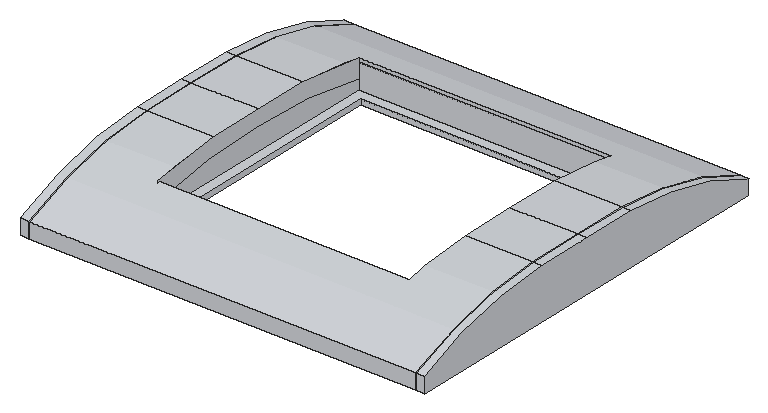
Revit family "Gira_100259", category Electrical Fixtures, host Face, Revit 2017
Family settings
  Host = Face
  Maintain Annotation Orientation = No
  Round Connector Dimension = Use Diameter
  Part Type = Normal
  Cut with Voids When Loaded = No
  Shared = No
  Room Calculation Point = No
Parameters (values of type "Cov.fr. 2-g w/o cb interm.fr. C Alu Gira Event Opaque dark brown")
  With mounting grid = "No"
  With hinged lid = "No"
  URL = "http://katalog.gira.de/en/datenblatt.html?artikelnr=100259"
  Type of fastening = "Clamp mounting"
  Transparent = "No"
  Surface protection = "Other"
  Suitable for wall duct = "No"
  Suitable for flush-mounted installation = "Yes"
  Suitable for floor box = "No"
  Suitable for built-in installation = "No"
  Number of units vertical = "2"
  Number of units horizontal = "2"
  Number of units = "2"
  Name = "Cov.fr. 2-g w/o cb interm.fr. C Alu Gira Event Opaque dark brown"
  Mounting direction = "Horizontal and vertical"
  Material quality = "Thermoplastic"
  Material = "Plastic"
  Manufacturer URL = "https://www.gira.de/"
  Manufacturer = "Gira"
  Label space/information surface = "No"
  Keynote = ""
  HeinzeBIM = "https://bimportal.heinze.de/bim/cov-fr-2-g-w-o-cb-interm-fr-c-alu-gira-event-opaque-dark-brown/44546d66b776be624a18f05c90eb4b2f47d771d8"
  Halogen free = "Yes"
  HAN = "100259"
  GTIN = "4010337003472"
  Description = "Cov.fr.2g w o cb i.fr.CAl EvOp DBN,Gira Event Opaque frames,dark brown with colour aluminium intermediate frame,2-gang without crossbar,Features:,- Shatter-proof."
  Degree of protection (IP) = "IP20"
  Default Elevation = 1219.2 mm
  Data sheet (1) = "https://katalog.gira.de/en/download.html?artikelnr=100259"
  Colour = "Brown"
  Category = "Cover frame for domestic switching devices"
  BIM (1) = "https://media.stage.bim.site/public/gira/36a6b08/Event_Rahmen_2fach o.Mittelsteg.rfa?public/gira/36a6b08/Event_Rahmen_2fach o.Mittelsteg.rfa"
  Available = "No"
Reference planes
  plane 1 "Center (Front/Back)": y = 0
  plane 2: z = 0
  plane 3 "Center (Left/Right)": x = 0
Forms (mm)
  Extrusion 1, solid, detail levels fine
    sketch origin (0, 0, 1.55) x (0, 1, 0) y (0, 0, 1)
      loop
        arc (12.445, 9.683) -> (6.223, 9.833) -> (0, 9.85) r 291.636
        arc (0, 9.85) -> (-6.223, 9.833) -> (-12.445, 9.683) r 291.636
        arc (-12.445, 9.683) -> (-29.14, 7.482) -> (-45, 1.823) r 79.728
        line (-45, 1.823) -> (-45, -1.55) -> (-41.777, -1.55) -> (-41.777, -0.55)
        arc (-41.777, -0.55) -> (-21.205, 4.846) -> (0, 6.467) r 118.15
        arc (0, 6.467) -> (21.205, 4.846) -> (41.777, -0.55) r 118.15
        line (41.777, -0.55) -> (41.777, -1.55) -> (45, -1.55) -> (45, 1.823)
        arc (45, 1.823) -> (29.14, 7.482) -> (12.445, 9.683) r 79.728
    from -43 to 43
  Extrusion 2, void, detail levels fine
    sketch origin (0, 0, 0) x (1, 0, 0) y (0, 1, 0)
      loop
        line (-28, -28) -> (28, -28) -> (28, 28) -> (-28, 28) -> (-28, -28)
    from 2.85 to 12
  Extrusion 3, solid, detail levels coarse
    sketch origin (0, 0, 0) x (1, 0, 0) y (0, 1, 0)
      loop
        line (-45, 45) -> (-45, -45) -> (45, -45) -> (45, 45) -> (-45, 45)
    from 0 to 11.4
  Extrusion 4, solid, detail levels medium
    sketch origin (0, 0, 1.55) x (0, 1, 0) y (0, 0, 1)
      loop
        arc (12.445, 9.683) -> (6.223, 9.833) -> (0, 9.85) r 291.636
        arc (0, 9.85) -> (-6.223, 9.833) -> (-12.445, 9.683) r 291.636
        arc (-12.445, 9.683) -> (-29.14, 7.482) -> (-45, 1.823) r 79.728
        line (-45, 1.823) -> (-45, -1.55) -> (45, -1.55) -> (45, 1.823)
        arc (45, 1.823) -> (29.14, 7.482) -> (12.445, 9.683) r 79.728
    from -45 to 45
  Extrusion 5, solid, detail levels fine
    sketch origin (0, 0, 0) x (0, 1, 0) y (0, 0, 1)
      loop
        arc (45, 3.373) -> (29.14, 9.032) -> (12.445, 11.233) r 79.728
        arc (12.445, 11.233) -> (6.223, 11.383) -> (0, 11.4) r 291.636
        arc (0, 11.4) -> (-6.223, 11.383) -> (-12.445, 11.233) r 291.636
        arc (-12.445, 11.233) -> (-29.14, 9.032) -> (-45, 3.373) r 79.728
        line (-45, 3.373) -> (-45, 0) -> (45, 0) -> (45, 3.373)
    from 43 to 45
  Extrusion 6, solid, detail levels fine
    sketch origin (0, 0, 0) x (0, 1, 0) y (0, 0, -1)
      loop
        line (45, -3.373) -> (45, 0) -> (-45, 0) -> (-45, -3.373)
        arc (-45, -3.373) -> (-29.14, -9.032) -> (-12.445, -11.233) r 79.728
        arc (-12.445, -11.233) -> (-6.223, -11.383) -> (0, -11.4) r 291.636
        arc (0, -11.4) -> (6.223, -11.383) -> (12.445, -11.233) r 291.636
        arc (12.445, -11.233) -> (29.14, -9.032) -> (45, -3.373) r 79.728
    from 43 to 45
  Extrusion 7, solid, detail levels fine
    sketch origin (0, 0, 0) x (1, 0, 0) y (0, 1, 0)
      loop
        line (-25.7, 25.7) -> (-25.7, -25.7) -> (25.7, -25.7) -> (25.7, 25.7) -> (-25.7, 25.7)
      loop
        line (-29.495, 27.895) -> (-29.495, -27.895)
        spline (-29.495, -27.895) -> (-29.486, -28.025) -> (-29.461, -28.154) -> (-29.419, -28.278) -> (-29.361, -28.395) -> (-29.288, -28.504) -> (-29.202, -28.602) -> (-29.104, -28.688) -> (-28.995, -28.761) -> (-28.878, -28.819) -> (-28.754, -28.861) -> (-28.625, -28.886) -> (-28.495, -28.895)
        line (-28.495, -28.895) -> (28.495, -28.895)
        spline (28.495, -28.895) -> (28.625, -28.886) -> (28.754, -28.861) -> (28.878, -28.819) -> (28.995, -28.761) -> (29.104, -28.688) -> (29.202, -28.602) -> (29.288, -28.504) -> (29.361, -28.395) -> (29.419, -28.278) -> (29.461, -28.154) -> (29.486, -28.025) -> (29.495, -27.895)
        line (29.495, -27.895) -> (29.495, 27.895)
        spline (29.495, 27.895) -> (29.486, 28.025) -> (29.461, 28.154) -> (29.419, 28.278) -> (29.361, 28.395) -> (29.288, 28.504) -> (29.202, 28.602) -> (29.104, 28.688) -> (28.995, 28.761) -> (28.878, 28.819) -> (28.754, 28.861) -> (28.625, 28.886) -> (28.495, 28.895)
        line (28.495, 28.895) -> (-28.495, 28.895)
        spline (-28.495, 28.895) -> (-28.625, 28.886) -> (-28.754, 28.861) -> (-28.878, 28.819) -> (-28.995, 28.761) -> (-29.104, 28.688) -> (-29.202, 28.602) -> (-29.288, 28.504) -> (-29.361, 28.395) -> (-29.419, 28.278) -> (-29.461, 28.154) -> (-29.486, 28.025) -> (-29.495, 27.895)
    from 1.673 to 8.5
Cuts and joins
  Extrusion 2 cuts Extrusion 1
  Extrusion 2 cuts Extrusion 7
Dimensions and locks
  aligned and locked: plane 2 to host face
  aligned and locked: level to host face
